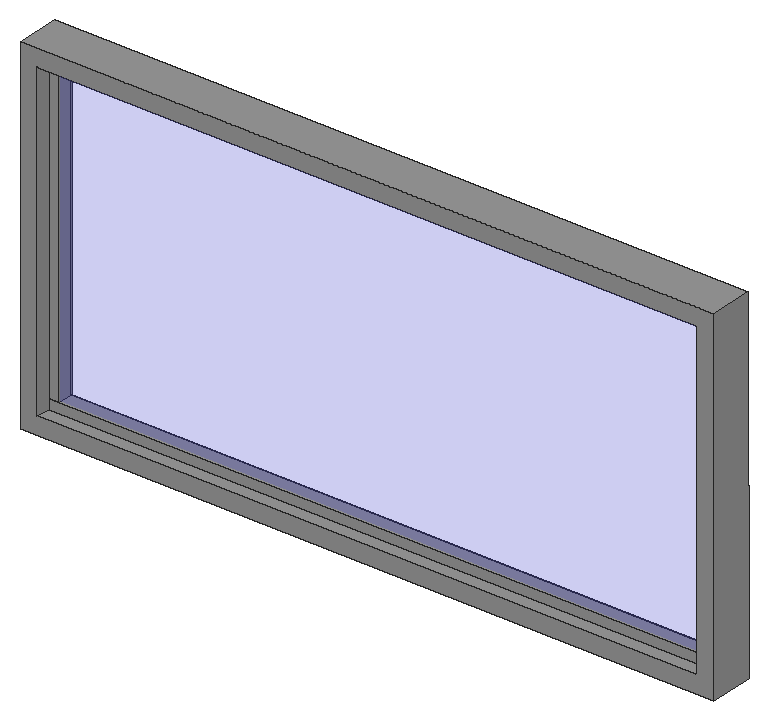
Revit family "Studio-4-Window-1", category Windows, host Wall, Revit 2025
Family settings
  Host = Wall
  OmniClass Number = 23.30.20.00
  OmniClass Title = Windows
  Always vertical = Yes
  Cut with Voids When Loaded = No
  Shared = No
  Room Calculation Point = No
Parameters (values of type "FLAT 72 x 36")
  d = if(Inclined, 0' 2 1/2", 0' 0")  # 0' - 0"
  b = if(Inclined, 0' 1", 0' 2 1/4")  # 0' - 2 1/4"
  a = Width - 0' 3 1/2"  # 5' - 8 1/2"
  URL = "https://www.acousticalsurfaces.com/acoustic_windows/acoustical_windows.htm"
  Type Comments = "Soundproof windows"
  Rough Width = 6' - 0 1/2"
  Rough Height = 3' - 0 1/2"
  Offset [instance] = 0' - 0"
  Manufacturer = "Acoustical Surfaces, Inc."
  Inclined = no
  Height = 3' - 0"
  Glass = Laminated Glass – Studio (4/5/6/8) Soundproof Window
  Frame Material = Aluminum – Studio (4/5/6/8) Soundproof Window
  Frame Finish = "Clear / Dark Bronze Anodized"
  Description = "Soundproof interior windows"
  Define Thermal Properties by = Schematic Type
  Default Sill Height = 2' - 7.49606"
  Wall Closure = By host
  Width = 6' - 0"
  Assembly Code = "C1030"
  Analytic Construction = "<None>"
Types (4): name | d | b | a | Rough Width | Inclined | Width
  FLAT 72 x 36 | 0' - 0" | 0' - 2 1/4" | 5' - 8 1/2" | 6' - 0 1/2" | no | 6' - 0"
  FLAT 48 x 36 | 0' - 0" | 0' - 2 1/4" | 3' - 8 1/2" | 4' - 0 1/2" | no | 4' - 0"
  ANGLED 72 x 36 | 0' - 2 1/2" | 0' - 1" | 5' - 8 1/2" | 6' - 0 1/2" | yes | 6' - 0"
  ANGLED 48 x 36 | 0' - 2 1/2" | 0' - 1" | 3' - 8 1/2" | 4' - 0 1/2" | yes | 4' - 0"
Reference planes (in)
  plane 1 "Center (Front/Back)": y = 0
  plane 2 "Center (Left/Right)": x = 0
  plane 3 "Left": x = -36
  plane 4 "Right": x = 36
  plane 5 "Sill": z = 31.49606
  plane 6 "Head": z = 67.49606
  plane 7 "Exterior": y = 3.93701
  plane 8 "Interior": y = -3.93701
  plane 9: y = 3.93701
  plane 10: y = -0.56299
Forms (in)
  Extrusion 1, solid, material "Aluminum – Studio (4/5/6/8) Soundproof Window" <- "Frame Material"
    sketch origin (-36, 0, 0) x (0, -1, 0) y (0, 0, 1)
      loop
        line (-0.91525, 65.74606) -> (-2.45876, 65.74606) -> (-2.45876, 64.74606) -> (-0.91525, 64.74606) -> (-0.91525, 65.74606)
      loop
        line (-2.45876, 33.24606) -> (-0.91525, 33.24606) -> (-0.91525, 34.24705) -> (-2.45876, 34.24705) -> (-2.45876, 33.24606)
    from -72 to 0
  Extrusion 2, solid, material "Aluminum – Studio (4/5/6/8) Soundproof Window" <- "Frame Material"
    sketch origin (-413.38583, 3.93701, 73.66543) x (0, 0, 1) y (-1, 0, 0)
      loop
        line (-6.16937, -377.38583) -> (-42.16937, -377.38583) -> (-42.16937, -449.38583) -> (-6.16937, -449.38583) -> (-6.16937, -377.38583)
      loop
        line (-7.91937, -379.13583) -> (-40.41937, -379.13583) -> (-40.41937, -447.63583) -> (-7.91937, -447.63583) -> (-7.91937, -379.13583)
    from 0 to 4.5
Cuts and joins
  joined: Extrusion 1, Extrusion 2
Lines and regions (in)
  Opening 1
    outline origin (137.79528, -3.93701, 0) x (1, 0, 0) y (0, 0, 1)
      loop
        line (-101.79528, 31.49606) -> (-101.79528, 67.49606) -> (-173.79528, 67.49606) -> (-173.79528, 31.49606) -> (-101.79528, 31.49606)
Text (in)
  text "EXTERIOR" at (-77.29147, 52.45485, 0), in view "Ref. Level"
  text "INTERIOR" at (-78.01048, -32.21994, 0), in view "Ref. Level"
  text "Exterior" at (0, 36.36817, 115.8778), in view "Right"
  text "Exterior" at (0, 40.96394, 105.72475), in view "Left"
Dimensions and locks (in)
  equal spacing: plane 3 "Left", plane 2 "Center (Left/Right)", plane 4 "Right"
  "Width": plane 3 "Left" to plane 4 "Right"
  "Height": plane 5 "Sill" to plane 6 "Head"
  "Default Sill Height": plane 5 "Sill" to level
  locked: plane 7 "Exterior" to host wall
  locked: plane 8 "Interior" to host wall
  "Offset": plane 9 to host wall
  equal spacing: plane 5 "Sill", nested 2, plane 6 "Head"
  locked: plane 9 to nested 2 at 2.25
  locked: nested 1 to plane 6 "Head" at 1.75
  locked: plane 3 "Left" to Extrusion 2 sketch curve at 1.75
  locked: Extrusion 2 sketch curve to plane 4 "Right" at 1.75
  locked: plane 5 "Sill" to Extrusion 2 sketch curve at 1.75
  locked: Extrusion 2 sketch curve to plane 6 "Head" at 1.75
  plane 9 to plane 10 = 0' - 4 1/2"
  "b": plane 9 to nested 1
  "b": nested 3 to plane 10
  locked: nested 1 to Extrusion 1 sketch curve at 0.77175
  cut or joined group of Extrusion 1, Extrusion 2 to nested 1 = 0' - 0.77175"
  locked: Extrusion 1 sketch curve to nested 1 at 0.77175
  locked: Extrusion 1 sketch curve to nested 3 at 0.77175
  locked: nested 3 to Extrusion 1 sketch curve at 0.77175
  aligned and locked: plane 4 "Right" to Extrusion 2 sketch curve
  aligned and locked: Extrusion 2 sketch curve to plane 5 "Sill"
  aligned and locked: plane 6 "Head" to Extrusion 2 sketch curve
  aligned and locked: Extrusion 2 sketch curve to plane 3 "Left"
  aligned and locked: Extrusion 1 to host wall  (x2)
  aligned and locked: Extrusion 2 to plane 9
  aligned and locked: plane 10 to Extrusion 2
  aligned and locked: Extrusion 1 to plane 4 "Right"
Automatic sketch dimensions
  Opening 1 sketch curve to plane 3 "Left" = 0' - 0"
  Opening 1 sketch curve to plane 4 "Right" = 0' - 0"
  Opening 1 sketch curve to plane 5 "Sill" = 0' - 0"
  Opening 1 sketch curve to plane 6 "Head" = 0' - 0"
  Extrusion 1 sketch curve to plane 5 "Sill" = 0' - 1 3/4"
  Extrusion 1 sketch curve to Extrusion 1 sketch curve = 0' - 1.00099"
  plane 6 "Head" to Extrusion 1 sketch curve = 0' - 2 3/4"
  Extrusion 1 sketch curve to Extrusion 1 sketch curve = 0' - 1"
Nested families (in)
  nested 1: "Family3" at (-36, 1.68701, 65.74606) x (0, -1, 0) z (-1, 0, 0), type "Family3"
  nested 2: "Inclined Glass" at (0, 1.68701, 49.49606) x (0, -1, 0) z (-1, 0, 0), type "Family4"
    with Width 5' - 8 1/2", Depth 0' - 0"
  nested 3: "Family3" at (-36, 1.68701, 33.24606) x (0, -1, 0) z (-1, 0, 0), type "Family3"
Definition of nested family "Inclined Glass"
  Parameters (values of type "Family4")
    Width = 3' - 8 1/2"
    Thickness = 0' - 1"
    Offset from Edge = 0' - 2 1/2"
    Material = none
    Height = 3' - 0"
    Frame Thickness = 0' - 1.37795"
    Frame = none
    Depth = 0' - 2 1/2"
    Default Elevation = 4' - 0"
  Reference planes (in)
    plane 1 "Center (Front/Back)": y = 0
    plane 2: z = 0
    plane 3 "Center (Left/Right)": x = 0
    plane 4: y = 18
    plane 5: y = -18
    plane 6: x = -1.25
    plane 7: x = 1.25
    plane 8: y = 15.5
    plane 9: y = -15.5
  Forms (in)
    Sweep 1, solid, material <- "Material"
      path origin (0, 0, 0) x (1, 0, 0) y (0, 1, 0)
        loop
          line (-1.25, 15.5) -> (1.25, -15.5)
      profile origin (0, 0, 0) x (0.996764, 0.080384, 0) y (0, 0, 1)
        loop
          line (-0.5, -22.25) -> (0.5, -22.25) -> (0.5, 22.25) -> (-0.5, 22.25) -> (-0.5, -22.25)
    Sweep 2, solid, material <- "Frame"
      path origin (0, 0, 0) x (1, 0, 0) y (0, 1, 0)
        loop
          line (-1.25, 15.5) -> (1.25, -15.5)
      profile origin (0, 0, 0) x (0.996764, 0.080384, 0) y (0, 0, 1)
        loop
          line (-0.68898, -22.25) -> (0.68898, -22.25) -> (0.68898, -21.25) -> (-0.68898, -21.25) -> (-0.68898, -22.25)
        loop
          line (-0.68898, 22.25) -> (-0.68898, 21.25) -> (0.68898, 21.25) -> (0.68898, 22.25) -> (-0.68898, 22.25)
  Dimensions and locks (in)
    equal spacing: plane 6, plane 3 "Center (Left/Right)", plane 7
    equal spacing: plane 4, plane 1 "Center (Front/Back)", plane 5
    "Height": plane 4 to plane 5
    "Depth": plane 6 to plane 7
    "Offset from Edge": plane 4 to plane 8
    "Offset from Edge": plane 9 to plane 5
    equal spacing: Sweep 1 sketch curve, profile plane, Sweep 1 sketch curve  (x2)
    "Thickness": Sweep 1 sketch curve to Sweep 1 sketch curve
    "Width": Sweep 1 sketch curve to Sweep 1 sketch curve
    equal spacing: Sweep 2 sketch curve, profile plane, Sweep 2 sketch curve  (x3)
    "Frame Thickness": Sweep 2 sketch curve to Sweep 2 sketch curve  (x2)
    "Width": Sweep 2 sketch curve to Sweep 2 sketch curve
    Sweep 2 sketch curve to Sweep 2 sketch curve = 0' - 1"  (x2)
    aligned and locked: level to plane 2
  Automatic sketch dimensions
    Sweep 1 sketch curve to plane 6 = 0' - 0"
    Sweep 1 sketch curve to plane 7 = 0' - 0"
    Sweep 1 sketch curve to plane 9 = 0' - 0"
    Sweep 1 sketch curve to plane 8 = 0' - 0"
    Sweep 2 sketch curve to plane 6 = 0' - 0"
    Sweep 2 sketch curve to plane 7 = 0' - 0"
    Sweep 2 sketch curve to plane 9 = 0' - 0"
    Sweep 2 sketch curve to plane 8 = 0' - 0"
Definition of nested family "Family3"
  Reference planes (in)
    plane 1 "Center (Front/Back)": y = 0
    plane 2: z = 0
    plane 3 "Center (Left/Right)": x = 0
